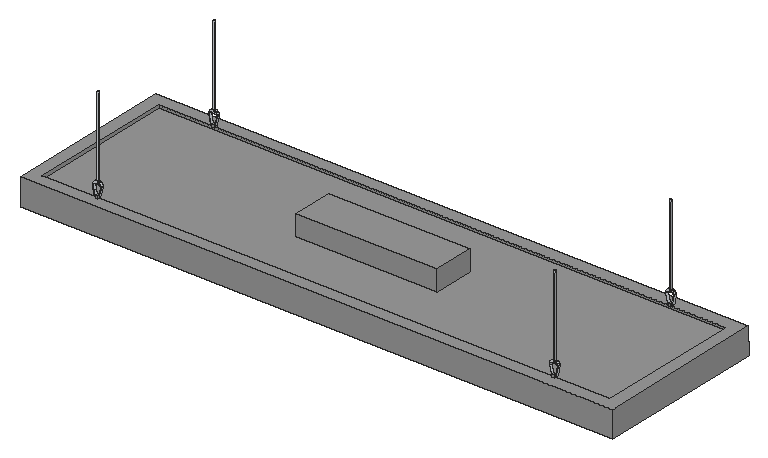
Revit family "HEFTY_4000K_28800LM_215W", category Lighting Fixtures, host Ceiling, Revit 2021
Family settings
  Host = Ceiling
  Round Connector Dimension = Use Diameter
  Part Type = Normal
  OmniClass Number = 23.80.70.11
  OmniClass Title = Luminaries for Internal Lighting
  Always vertical = Yes
  Cut with Voids When Loaded = No
  Light Source = Yes
  Shared = No
  Room Calculation Point = No
Parameters (values of type "Type 1")
  Wattage = 193.885 W
  built-in parameter 1150110 = 1 (stored number, unit not read)
  Type de lampe = "LED Mid Power"
  Type = "Luminaire industriel"
  built-in parameter 1114217 = 1 (stored number, unit not read)
  Tilt Angle = 90.00°
  Tension = "AC 220-240V"
  built-in parameter 1150109 = 1 (stored number, unit not read)
  built-in parameter 1150134 = 12
  built-in parameter 1150113 = 1 (stored number, unit not read)
  SDCM = "<3"
  Puissance nominale = "215W"
  Poids = "12 kg"
  Photometric Web File = "google_eulumdat_converter (6).ies"
  Matériau = "Acier galvanisé blanc"
  Maintien du flux = "L80B10 (50 000 heures)"
  Lumens = 28800 lm
  built-in parameter 1150115 = 1 (stored number, unit not read)
  built-in parameter 1150105 = 2291.8 (stored number, unit not read)
  built-in parameter 1150137 = (empty or 0)
  built-in parameter 1150139 = (empty or 0)
  built-in parameter 1150112 = 1 (stored number, unit not read)
  built-in parameter 1150114 = 1 (stored number, unit not read)
  built-in parameter 1150132 = 2
  built-in parameter 1150102 = (empty or 0)
  built-in parameter 1150138 = (empty or 0)
  built-in parameter 1150107 = 4000 (stored number, unit not read)
  built-in parameter 1150106 = 22.918 (stored number, unit not read)
  IRC = ">80"
  Emit from Rectangle Width = 609.6 mm
  Emit from Rectangle Length = 1219.2 mm
  Emit Shape Visible in Rendering = no
  built-in parameter 1150104 = 13.8 (stored number, unit not read)
  Durée de vie = "50 000 heures"
  Driver = "Driver Osram"
  Dimming Lamp Color Temperature Shift = <None>
  Dimensions = "1220x350x90 mm"
  Diffuseur = "Polycarbonate transparent"
  Default Elevation = 0 mm
  Color Filter = 16777215
  built-in parameter 1114218 = 1 (stored number, unit not read)
  built-in parameter 1150133 = 10 (stored number, unit not read)
  Angle d'éclairage = "35°"
Reference planes
  plane 1 "Light Source Axis (F/B)": y = 0
  plane 2: z = 0
  plane 3 "Light Source Axis (L/R)": x = 0
  plane 4 "Ceiling": z = 4000
  plane 5 "Light Source Elevation": z = 3750
Forms (mm)
  Extrusion 1, solid, material "Steel, Galvanized"
    sketch origin (0, 0, 4000) x (0, 1, 0) y (-1, 0, 0)
      loop
        line (175, 610) -> (-175, 610) -> (-175, -610) -> (175, -610) -> (175, 610)
      loop
        line (150, 585) -> (-150, 585) -> (-150, -585) -> (150, -585) -> (150, 585)
    from -250 to -196.102
  Extrusion 2, solid, material "Steel, Galvanized"
    sketch origin (0, 0, 4000) x (0, 1, 0) y (-1, 0, 0)
      loop
        line (150, 585) -> (-150, 585) -> (-150, -585) -> (150, -585) -> (150, 585)
    from -201.474 to -207.22
  Extrusion 3, solid, material "Steel, Galvanized"
    sketch origin (0, 0, 4000) x (0, 1, 0) y (-1, 0, 0)
      loop
        line (43.191, 147.964) -> (-41.809, 147.964) -> (-41.809, -142.036) -> (43.191, -142.036) -> (43.191, 147.964)
    from -207.22 to -160
  Extrusion 4, solid, material "Steel, Galvanized"
    sketch origin (195.234, -80.407, 4000) x (0, -1, 0) y (1, 0, 0)
      loop
        line (71.862, 277.481) -> (66.862, 277.481) -> (66.862, 272.481) -> (71.862, 272.481) -> (71.862, 277.481)
    from -196.102 to -190.59
  Extrusion 5, solid
    sketch origin (195.234, -80.407, 0) x (-1, 0, 0) y (0, 0, -1)
      loop
        line (-273.652, -3806.915) -> (-276.521, -3806.915) -> (-281.412, -3807.954) -> (-284.54, -3827.708)
        arc (-284.54, -3827.708) -> (-274.506, -3835.045) -> (-266.484, -3825.549) r 9.115
        line (-266.484, -3825.549) -> (-270.251, -3807.826) -> (-273.652, -3806.915)
      loop
        line (-274.011, -3807.991) -> (-276.306, -3807.991) -> (-279.848, -3808.744) -> (-282.81, -3827.45)
        arc (-282.81, -3827.45) -> (-274.423, -3831.527) -> (-267.537, -3825.237) r 8.303
        line (-267.537, -3825.237) -> (-271.034, -3808.788) -> (-274.011, -3807.991)
    from 67.418 to 71.074
  Extrusion 6, solid, material "Glass, White, High Luminance"
    sketch origin (0, 0, 4000) x (0, 1, 0) y (-1, 0, 0)
      loop
        line (150, 585) -> (-150, 585) -> (-150, -585) -> (150, -585) -> (150, 585)
    from -250 to -245.079
  Extrusion 7, solid
    sketch origin (195.234, -80.407, 4000) x (0, -1, 0) y (1, 0, 0)
      loop
        circle (68.947, 275) r 1.348
    from -170.446 to 0
  Extrusion 8, solid, material "Steel, Galvanized"
    sketch origin (195.234, 80.407, 4000) x (0, -1, 0) y (1, 0, 0)
      loop
        line (-71.862, 277.481) -> (-71.862, 272.481) -> (-66.862, 272.481) -> (-66.862, 277.481) -> (-71.862, 277.481)
    from -196.102 to -190.59
  Extrusion 9, solid
    sketch origin (195.234, 80.407, 0) x (-1, 0, 0) y (0, 0, 1)
      loop
        line (-273.652, 3806.915) -> (-270.251, 3807.826) -> (-266.484, 3825.549)
        arc (-266.484, 3825.549) -> (-274.506, 3835.045) -> (-284.54, 3827.708) r 9.115
        line (-284.54, 3827.708) -> (-281.412, 3807.954) -> (-276.521, 3806.915) -> (-273.652, 3806.915)
      loop
        line (-274.011, 3807.991) -> (-271.034, 3808.788) -> (-267.537, 3825.237)
        arc (-267.537, 3825.237) -> (-274.423, 3831.527) -> (-282.81, 3827.45) r 8.303
        line (-282.81, 3827.45) -> (-279.848, 3808.744) -> (-276.306, 3807.991) -> (-274.011, 3807.991)
    from 67.418 to 71.074
  Extrusion 10, solid
    sketch origin (195.234, 80.407, 4000) x (0, -1, 0) y (1, 0, 0)
      loop
        circle (-68.947, 275) r 1.348
    from -170.446 to 0
  Extrusion 11, solid, material "Steel, Galvanized"
    sketch origin (-195.234, 80.407, 4000) x (0, 1, 0) y (-1, 0, 0)
      loop
        line (71.862, 277.481) -> (66.862, 277.481) -> (66.862, 272.481) -> (71.862, 272.481) -> (71.862, 277.481)
    from -196.102 to -190.59
  Extrusion 12, solid
    sketch origin (-195.234, 80.407, 0) x (1, 0, 0) y (0, 0, -1)
      loop
        line (-273.652, -3806.915) -> (-276.521, -3806.915) -> (-281.412, -3807.954) -> (-284.54, -3827.708)
        arc (-284.54, -3827.708) -> (-274.506, -3835.045) -> (-266.484, -3825.549) r 9.115
        line (-266.484, -3825.549) -> (-270.251, -3807.826) -> (-273.652, -3806.915)
      loop
        line (-274.011, -3807.991) -> (-276.306, -3807.991) -> (-279.848, -3808.744) -> (-282.81, -3827.45)
        arc (-282.81, -3827.45) -> (-274.423, -3831.527) -> (-267.537, -3825.237) r 8.303
        line (-267.537, -3825.237) -> (-271.034, -3808.788) -> (-274.011, -3807.991)
    from 67.418 to 71.074
  Extrusion 13, solid
    sketch origin (-195.234, 80.407, 4000) x (0, 1, 0) y (-1, 0, 0)
      loop
        circle (68.947, 275) r 1.348
    from -170.446 to 0
  Extrusion 14, solid, material "Steel, Galvanized"
    sketch origin (-195.234, -80.407, 4000) x (0, 1, 0) y (-1, 0, 0)
      loop
        line (-71.862, 277.481) -> (-71.862, 272.481) -> (-66.862, 272.481) -> (-66.862, 277.481) -> (-71.862, 277.481)
    from -196.102 to -190.59
  Extrusion 15, solid
    sketch origin (-195.234, -80.407, 0) x (1, 0, 0) y (0, 0, 1)
      loop
        line (-273.652, 3806.915) -> (-270.251, 3807.826) -> (-266.484, 3825.549)
        arc (-266.484, 3825.549) -> (-274.506, 3835.045) -> (-284.54, 3827.708) r 9.115
        line (-284.54, 3827.708) -> (-281.412, 3807.954) -> (-276.521, 3806.915) -> (-273.652, 3806.915)
      loop
        line (-274.011, 3807.991) -> (-271.034, 3808.788) -> (-267.537, 3825.237)
        arc (-267.537, 3825.237) -> (-274.423, 3831.527) -> (-282.81, 3827.45) r 8.303
        line (-282.81, 3827.45) -> (-279.848, 3808.744) -> (-276.306, 3807.991) -> (-274.011, 3807.991)
    from 67.418 to 71.074
  Extrusion 16, solid
    sketch origin (-195.234, -80.407, 4000) x (0, 1, 0) y (-1, 0, 0)
      loop
        circle (-68.947, 275) r 1.348
    from -170.446 to 0
Lines and regions (mm)
  reference lines
    curve 1: line (0, 0, 4000) -> (325, 0, 4000)
    curve 2: line (0, 0, 4000) -> (-325, 0, 4000)
    curve 3: line (-325, 0, 4000) -> (-325, 95, 4000)
    curve 4: line (-325, 95, 4000) -> (325, 95, 4000)
    curve 5: line (325, 95, 4000) -> (325, -95, 4000)
    curve 6: line (325, -95, 4000) -> (-325, -95, 4000)
    curve 7: line (-325, -95, 4000) -> (-325, 0, 4000)
    curve 8: line (0, 0, 4000) -> (225, 0, 4000)
    curve 9: line (225, 0, 4000) -> (225, -70, 4000)
    curve 10: line (225, -70, 4000) -> (-275, -70, 4000)
    curve 11: line (-275, 70, 4000) -> (225, 70, 4000)
    curve 12: line (-325, 0, 4000) -> (-300, 0, 4000)
    curve 13: line (-300, 0, 4000) -> (-300, 5, 4000)
    curve 14: line (325, 0, 4000) -> (300, 0, 4000)
    curve 15: line (0, 0, 3750) -> (0, 0, 3840)
    curve 16: line (0, 0, 4000) -> (610, 0, 4000)
    curve 17: line (610, 0, 4000) -> (610, 25, 4000)
    curve 18: line (0, 0, 4000) -> (-610, 0, 4000)
    curve 19: line (0, -70, 4000) -> (470, -70, 4000)
    curve 20: line (470, -70, 4000) -> (470, -55, 4000)
    curve 21: line (325, 0, 4000) -> (325, 175, 4000)
    curve 22: line (325, 0, 4000) -> (325, -175, 4000)
Dimensions and locks
  equal spacing: host sketch curve, plane 3 "Light Source Axis (L/R)", host sketch curve
  equal spacing: host sketch curve, plane 1 "Light Source Axis (F/B)", host sketch curve
  host sketch curve to host sketch curve = 4000 mm  (x2)
  plane 4 "Ceiling" to host ceiling = 0 mm
  aligned and locked: plane 3 "Light Source Axis (L/R)" to imposter light
  aligned and locked: plane 1 "Light Source Axis (F/B)" to imposter light
  aligned and locked: plane 5 "Light Source Elevation" to imposter light
